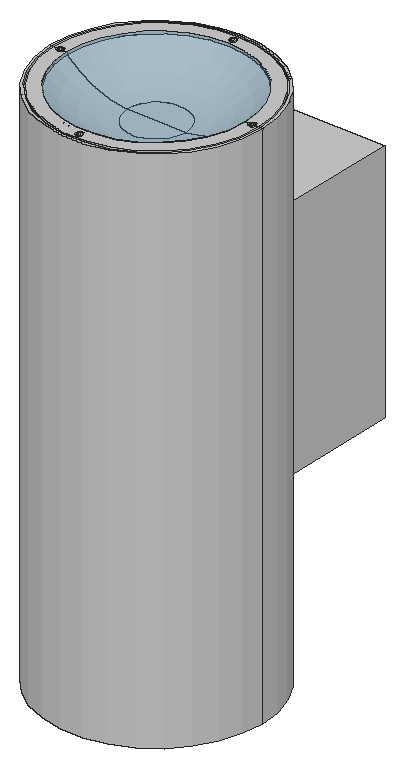
Revit family "WALL DOUBLE TUBE 01_AM16W.1.15", category Luminarias, Revit 2019
Family settings
  Cota de conector redondo = Diámetro de uso
  Tipo de pieza = Normal
  Se basa en plano de trabajo = Sí
  Siempre vertical = No
  Corte con vacíos al cargar = No
  Origen de luz = Sí
  Compartido = No
  Punto de cálculo de habitación = No
Parameters (values of type "WALL DOUBLE TUBE 01_AM16W.1.15")
  Ángulo de inclinación = 60.00°
  Ángulo de enfoque = 15.00°
  Ángulo de campo de foco = 15.00°
  Zone [instance] = ""
  Watt per fixture = 20
  Wattage = 20 W
  built-in parameter 1150107 = 3000 (stored number, unit not read)
  built-in parameter 1150110 = 1 (stored number, unit not read)
  built-in parameter 1150109 = 1 (stored number, unit not read)
  built-in parameter 1150112 = 1 (stored number, unit not read)
  built-in parameter 1150113 = 1 (stored number, unit not read)
  built-in parameter 1114218 = 1 (stored number, unit not read)
  Keynote = ""
  built-in parameter 1150137 = (empty or 0)
  built-in parameter 1150132 = (empty or 0)
  Modelo = "AM16W.1.15"
  Lámpara = "NICHIA"
  Longitud de símbolo de origen de luz = 1500 mm
  built-in parameter 1150105 = 50832.5 (stored number, unit not read)
  built-in parameter 1150102 = (empty or 0)
  built-in parameter 1150106 = 508.33 (stored number, unit not read)
  Lumens = 1972 lm
  Color Filter = 16777215
  built-in parameter 1114217 = 1 (stored number, unit not read)
  built-in parameter 1150139 = (empty or 0)
  Fabricante = "BRILLANT"
  Default Elevation = 0 mm
  built-in parameter 1150104 = 9.1602 (stored number, unit not read)
  Descripción = "LUMINARIA DIRIGIBLE EN FORMA TUBULAR TIPO ARBOTANTE DOBLE DE HAZ (UP & DOWN), DE MATERIAL EN ALEACION DE ALUMINIO EXTRUIDO CON UN PESO DE 1.5KG, CON 2 LED TIPO NICHIA CON UNA POTENCIA TOTAL DE 20W, 2X986 LUMENES, TEMPERATURA EN BLANCO CALIDO 3000K, IRC 80, IP 65, IK10, APERTURA DE  15 GRADOS POR PROYECTO, CORRIENTE DE OPERACIÓN 163mA, CABLE DE 0.3M, ALIMENTADO A 100-277VAC"
  built-in parameter 1150115 = 1 (stored number, unit not read)
  built-in parameter 1150114 = 1 (stored number, unit not read)
  Comentarios de vataje = "100-277V"
  built-in parameter 1150138 = (empty or 0)
  built-in parameter 1150134 = (empty or 0)
  Circuit [instance] = ""
  Dimming Lamp Color Temperature Shift = (empty or 0)
  built-in parameter 1150133 = 10 (stored number, unit not read)
Reference planes
  plane 1 "Centro (Frontal/Posterior)": y = 0
  plane 2: z = 0
  plane 3 "Centro (Izquierda/Derecha)": x = 0
Forms (mm)
  Revolve 1, solid, material "Cristal", not visible
    sketch origin (-152, 0, 0) x (0, 1, 0) y (0, 0, -1)
      loop
        line (0, -8.749) -> (0, -7.25) -> (-1.499, -7.25)
        arc (-1.499, -7.25) -> (-1.06, -8.31) -> (0, -8.749) r 1.499
      axis (0, -7.25) -> (-1.499, -7.25)
    angle from 0 to 360
  Revolve 2, solid, material "Cristal", not visible
    sketch origin (-136, 0, 0) x (0, 1, 0) y (0, 0, -1)
      loop
        line (0, -8.749) -> (0, -7.25) -> (-1.499, -7.25)
        arc (-1.499, -7.25) -> (-1.06, -8.31) -> (0, -8.749) r 1.499
      axis (0, -7.25) -> (-1.499, -7.25)
    angle from 0 to 360
  Revolve 3, solid, material "Cristal", not visible
    sketch origin (-120, 0, 0) x (0, 1, 0) y (0, 0, -1)
      loop
        line (0, -8.749) -> (0, -7.25) -> (-1.499, -7.25)
        arc (-1.499, -7.25) -> (-1.06, -8.31) -> (0, -8.749) r 1.499
      axis (0, -7.25) -> (-1.499, -7.25)
    angle from 0 to 360
  Revolve 4, solid, material "Cristal", not visible
    sketch origin (-104, 0, 0) x (0, 1, 0) y (0, 0, -1)
      loop
        line (0, -8.749) -> (0, -7.25) -> (-1.499, -7.25)
        arc (-1.499, -7.25) -> (-1.06, -8.31) -> (0, -8.749) r 1.499
      axis (0, -7.25) -> (-1.499, -7.25)
    angle from 0 to 360
  Revolve 5, solid, material "Cristal", not visible
    sketch origin (-88, 0, 0) x (0, 1, 0) y (0, 0, -1)
      loop
        line (0, -8.749) -> (0, -7.25) -> (-1.499, -7.25)
        arc (-1.499, -7.25) -> (-1.06, -8.31) -> (0, -8.749) r 1.499
      axis (0, -7.25) -> (-1.499, -7.25)
    angle from 0 to 360
  Revolve 6, solid, material "Cristal", not visible
    sketch origin (-72, 0, 0) x (0, 1, 0) y (0, 0, -1)
      loop
        line (0, -8.749) -> (0, -7.25) -> (-1.499, -7.25)
        arc (-1.499, -7.25) -> (-1.06, -8.31) -> (0, -8.749) r 1.499
      axis (0, -7.25) -> (-1.499, -7.25)
    angle from 0 to 360
  Revolve 7, solid, material "Cristal", not visible
    sketch origin (-56, 0, 0) x (0, 1, 0) y (0, 0, -1)
      loop
        line (0, -8.749) -> (0, -7.25) -> (-1.499, -7.25)
        arc (-1.499, -7.25) -> (-1.06, -8.31) -> (0, -8.749) r 1.499
      axis (0, -7.25) -> (-1.499, -7.25)
    angle from 0 to 360
  Revolve 8, solid, material "Cristal", not visible
    sketch origin (-40, 0, 0) x (0, 1, 0) y (0, 0, -1)
      loop
        line (0, -8.749) -> (0, -7.25) -> (-1.499, -7.25)
        arc (-1.499, -7.25) -> (-1.06, -8.31) -> (0, -8.749) r 1.499
      axis (0, -7.25) -> (-1.499, -7.25)
    angle from 0 to 360
  Revolve 9, solid, material "Cristal", not visible
    sketch origin (-24, 0, 0) x (0, 1, 0) y (0, 0, -1)
      loop
        line (0, -8.749) -> (0, -7.25) -> (-1.499, -7.25)
        arc (-1.499, -7.25) -> (-1.06, -8.31) -> (0, -8.749) r 1.499
      axis (0, -7.25) -> (-1.499, -7.25)
    angle from 0 to 360
  Revolve 10, solid, material "Cristal", not visible
    sketch origin (-8, 0, 0) x (0, 1, 0) y (0, 0, -1)
      loop
        line (0, -8.749) -> (0, -7.25) -> (-1.499, -7.25)
        arc (-1.499, -7.25) -> (-1.06, -8.31) -> (0, -8.749) r 1.499
      axis (0, -7.25) -> (-1.499, -7.25)
    angle from 0 to 360
  Revolve 11, solid, material "Cristal", not visible
    sketch origin (8, 0, 0) x (0, 1, 0) y (0, 0, -1)
      loop
        line (0, -8.749) -> (0, -7.25) -> (-1.499, -7.25)
        arc (-1.499, -7.25) -> (-1.06, -8.31) -> (0, -8.749) r 1.499
      axis (0, -7.25) -> (-1.499, -7.25)
    angle from 0 to 360
  Revolve 12, solid, material "Cristal", not visible
    sketch origin (24, 0, 0) x (0, 1, 0) y (0, 0, -1)
      loop
        line (0, -8.749) -> (0, -7.25) -> (-1.499, -7.25)
        arc (-1.499, -7.25) -> (-1.06, -8.31) -> (0, -8.749) r 1.499
      axis (0, -7.25) -> (-1.499, -7.25)
    angle from 0 to 360
  Revolve 13, solid, material "Cristal", not visible
    sketch origin (40, 0, 0) x (0, 1, 0) y (0, 0, -1)
      loop
        line (0, -8.749) -> (0, -7.25) -> (-1.499, -7.25)
        arc (-1.499, -7.25) -> (-1.06, -8.31) -> (0, -8.749) r 1.499
      axis (0, -7.25) -> (-1.499, -7.25)
    angle from 0 to 360
  Revolve 14, solid, material "Cristal", not visible
    sketch origin (56, 0, 0) x (0, 1, 0) y (0, 0, -1)
      loop
        line (0, -8.749) -> (0, -7.25) -> (-1.499, -7.25)
        arc (-1.499, -7.25) -> (-1.06, -8.31) -> (0, -8.749) r 1.499
      axis (0, -7.25) -> (-1.499, -7.25)
    angle from 0 to 360
  Revolve 15, solid, material "Cristal", not visible
    sketch origin (72, 0, 0) x (0, 1, 0) y (0, 0, -1)
      loop
        line (0, -8.749) -> (0, -7.25) -> (-1.499, -7.25)
        arc (-1.499, -7.25) -> (-1.06, -8.31) -> (0, -8.749) r 1.499
      axis (0, -7.25) -> (-1.499, -7.25)
    angle from 0 to 360
  Revolve 16, solid, material "Cristal", not visible
    sketch origin (88, 0, 0) x (0, 1, 0) y (0, 0, -1)
      loop
        line (0, -8.749) -> (0, -7.25) -> (-1.499, -7.25)
        arc (-1.499, -7.25) -> (-1.06, -8.31) -> (0, -8.749) r 1.499
      axis (0, -7.25) -> (-1.499, -7.25)
    angle from 0 to 360
  Revolve 17, solid, material "Cristal", not visible
    sketch origin (104, 0, 0) x (0, 1, 0) y (0, 0, -1)
      loop
        line (0, -8.749) -> (0, -7.25) -> (-1.499, -7.25)
        arc (-1.499, -7.25) -> (-1.06, -8.31) -> (0, -8.749) r 1.499
      axis (0, -7.25) -> (-1.499, -7.25)
    angle from 0 to 360
  Revolve 18, solid, material "Cristal", not visible
    sketch origin (120, 0, 0) x (0, 1, 0) y (0, 0, -1)
      loop
        line (0, -8.749) -> (0, -7.25) -> (-1.499, -7.25)
        arc (-1.499, -7.25) -> (-1.06, -8.31) -> (0, -8.749) r 1.499
      axis (0, -7.25) -> (-1.499, -7.25)
    angle from 0 to 360
  Revolve 19, solid, material "Cristal", not visible
    sketch origin (136, 0, 0) x (0, 1, 0) y (0, 0, -1)
      loop
        line (0, -8.749) -> (0, -7.25) -> (-1.499, -7.25)
        arc (-1.499, -7.25) -> (-1.06, -8.31) -> (0, -8.749) r 1.499
      axis (0, -7.25) -> (-1.499, -7.25)
    angle from 0 to 360
  Revolve 20, solid, material "Cristal", not visible
    sketch origin (152, 0, 0) x (0, 1, 0) y (0, 0, -1)
      loop
        line (0, -8.749) -> (0, -7.25) -> (-1.499, -7.25)
        arc (-1.499, -7.25) -> (-1.06, -8.31) -> (0, -8.749) r 1.499
      axis (0, -7.25) -> (-1.499, -7.25)
    angle from 0 to 360
  Revolve 21, solid, material "Acero Inoxidable"
    sketch origin (0, -72, 120.325) x (-1, 0, 0) y (0, 0, 1)
      loop
        line (0, 68.159) -> (-11.124, 68.159)
        arc (-11.124, 68.159) -> (-23.278, 71.406) -> (-33.59, 78.615) r 36.226
        line (-33.59, 78.615) -> (-33.59, 79.488) -> (-38.399, 79.488) -> (-38.399, 78.604) -> (-39.2, 78.604) -> (-39.2, 79.488) -> (-40, 79.488) -> (-40, -120.325) -> (-39.2, -120.325) -> (-39.2, -119.441) -> (-38.399, -119.441) -> (-38.399, -120.325) -> (-33.59, -120.325) -> (-33.59, -119.453)
        arc (-33.59, -119.453) -> (-23.278, -112.244) -> (-11.124, -108.997) r 36.226
        line (-11.124, -108.997) -> (0, -108.997) -> (0, 68.159)
      axis (0, 79.488) -> (0, -120.325)
    angle from 0 to 360
  Extrusion 22, solid, material "Cristal"
    sketch origin (0, 19.494, 0) x (1, 0, 0) y (0, 1, 0)
      loop
        circle (0, -91.494) r 33.59
    from 0 to 0.872
  Extrusion 23, solid, material "Acero Inoxidable"
    sketch origin (0, 0, 0) x (1, 0, 0) y (0, 1, 0)
      loop
        line (-28, 0) -> (-28, -43.434)
        arc (-28, -43.434) -> (0, -32) -> (28, -43.434) r 40
        line (28, -43.434) -> (28, 0) -> (-28, 0)
    from 66.772 to 158.395
  Extrusion 24, void
    sketch origin (0, 0, 0) x (1, 0, 0) y (0, 1, 0)
      loop
        circle (0, -35.958) r 1.283
      loop
        circle (0, -108.042) r 1.283
      loop
        circle (36.019, -72) r 1.283
      loop
        circle (-36.019, -72) r 1.283
    from 0 to 1.671
  Extrusion 25, solid, material "Acero Inoxidable"
    sketch origin (0, 0, 0) x (1, 0, 0) y (0, 1, 0)
      loop
        circle (0, -35.958) r 1.084
      loop
        line (-0.79, -35.958) -> (-0.395, -36.642) -> (0.395, -36.642) -> (0.79, -35.958) -> (0.395, -35.274) -> (-0.395, -35.274) -> (-0.79, -35.958)
      loop
        circle (36.019, -72) r 1.084
      loop
        line (35.229, -72) -> (35.624, -72.684) -> (36.414, -72.684) -> (36.809, -72) -> (36.414, -71.316) -> (35.624, -71.316) -> (35.229, -72)
      loop
        circle (-0.023, -108.042) r 1.084
      loop
        line (-0.813, -108.042) -> (-0.418, -108.726) -> (0.372, -108.726) -> (0.767, -108.042) -> (0.372, -107.358) -> (-0.418, -107.358) -> (-0.813, -108.042)
      loop
        circle (-36.019, -72) r 1.084
      loop
        line (-36.809, -72) -> (-36.414, -72.684) -> (-35.624, -72.684) -> (-35.229, -72) -> (-35.624, -71.316) -> (-36.414, -71.316) -> (-36.809, -72)
    from 0 to 1.671
  Extrusion 26, void
    sketch origin (0, 0, 0) x (1, 0, 0) y (0, 1, 0)
      loop
        circle (-14.364, -17.208) r 3.469
      loop
        circle (14.364, -17.208) r 3.469
    from 66.772 to 70.128
  Extrusion 27, solid, material "Aluminio"
    sketch origin (0, 0, 0) x (1, 0, 0) y (0, 1, 0)
      loop
        circle (-14.364, -17.208) r 3.271
      loop
        line (-16.787, -16.804) -> (-16.787, -17.613) -> (-14.764, -17.613) -> (-14.764, -19.632) -> (-13.964, -19.632) -> (-13.964, -17.613) -> (-11.941, -17.613) -> (-11.941, -16.804) -> (-13.964, -16.804) -> (-13.964, -14.785) -> (-14.764, -14.785) -> (-14.764, -16.804) -> (-16.787, -16.804)
      loop
        circle (14.364, -17.208) r 3.271
      loop
        line (11.941, -16.804) -> (11.941, -17.613) -> (13.964, -17.613) -> (13.964, -19.632) -> (14.764, -19.632) -> (14.764, -17.613) -> (16.787, -17.613) -> (16.787, -16.804) -> (14.764, -16.804) -> (14.764, -14.785) -> (13.964, -14.785) -> (13.964, -16.804) -> (11.941, -16.804)
    from 66.772 to 70.128
  Extrusion 28, solid, material "Cristal"
    sketch origin (0, 19.494, 188) x (0, -1, 0) y (1, 0, 0)
      loop
        circle (91.494, 0) r 33.59
    from 10.941 to 11.813
  Extrusion 29, void
    sketch origin (0, 0, 208) x (0, -1, 0) y (1, 0, 0)
      loop
        circle (35.958, 0) r 1.283
      loop
        circle (108.042, 0) r 1.283
      loop
        circle (72, 36.019) r 1.283
      loop
        circle (72, -36.019) r 1.283
    from -9.858 to -8.187
  Extrusion 30, solid, material "Acero Inoxidable"
    sketch origin (0, 0, 198.142) x (0, -1, 0) y (1, 0, 0)
      loop
        circle (35.958, 0) r 1.084
      loop
        line (35.958, -0.79) -> (36.642, -0.395) -> (36.642, 0.395) -> (35.958, 0.79) -> (35.274, 0.395) -> (35.274, -0.395) -> (35.958, -0.79)
      loop
        circle (72, 36.019) r 1.084
      loop
        line (72, 35.229) -> (72.684, 35.624) -> (72.684, 36.414) -> (72, 36.809) -> (71.316, 36.414) -> (71.316, 35.624) -> (72, 35.229)
      loop
        circle (108.042, -0.023) r 1.084
      loop
        line (108.042, -0.813) -> (108.726, -0.418) -> (108.726, 0.372) -> (108.042, 0.767) -> (107.358, 0.372) -> (107.358, -0.418) -> (108.042, -0.813)
      loop
        circle (72, -36.019) r 1.084
      loop
        line (72, -36.809) -> (72.684, -36.414) -> (72.684, -35.624) -> (72, -35.229) -> (71.316, -35.624) -> (71.316, -36.414) -> (72, -36.809)
    from 0 to 1.671
Cuts and joins
  Extrusion 24, Extrusion 29 cuts Revolve 21
  Extrusion 26 cuts Extrusion 23
  Extrusion 29 cuts Extrusion 25
Lines and regions (mm)
  model lines
    curve 1: line (0, 0, 0) -> (0, -112, 0)
    curve 2: line (-0.023, 0, 0) -> (2.407, 0, 0)
    curve 3: line (0, 0, 169) -> (2.982, 0, 169)
Dimensions and locks
  equal spacing: Extrusion 23 sketch curve, plane 3 "Centro (Izquierda/Derecha)", Extrusion 23 sketch curve
  Extrusion 23 sketch curve to plane 3 "Centro (Izquierda/Derecha)" = 28 mm
  Extrusion 23 sketch curve to Extrusion 23 sketch curve = 56 mm
  Extrusion 23 to Extrusion 23 = 56 mm
  Extrusion 23 to Extrusion 23 = 91.623 mm
  cut or joined group of Revolve 21, Extrusion 24, Extrusion 29 to cut or joined group of Revolve 21, Extrusion 24, Extrusion 29 = 199.813 mm
  aligned and locked: level to plane 2
  aligned and locked: Extrusion 22 to level
Connectors
  electrical at (0, 0, 112.583)
    settings: on cut or joined group of Extrusion 23, Extrusion 26, index 1, voltage 277 V, apparent load 0 VA, apparent load phase1 0 VA, apparent load phase2 0 VA, apparent load phase3 0 VA, power factor 1, load classification "Otro", number of poles 1, system type 31, power factor state 1, is connector primary yes, connector utility no, sub classification motor no, connector description ""
